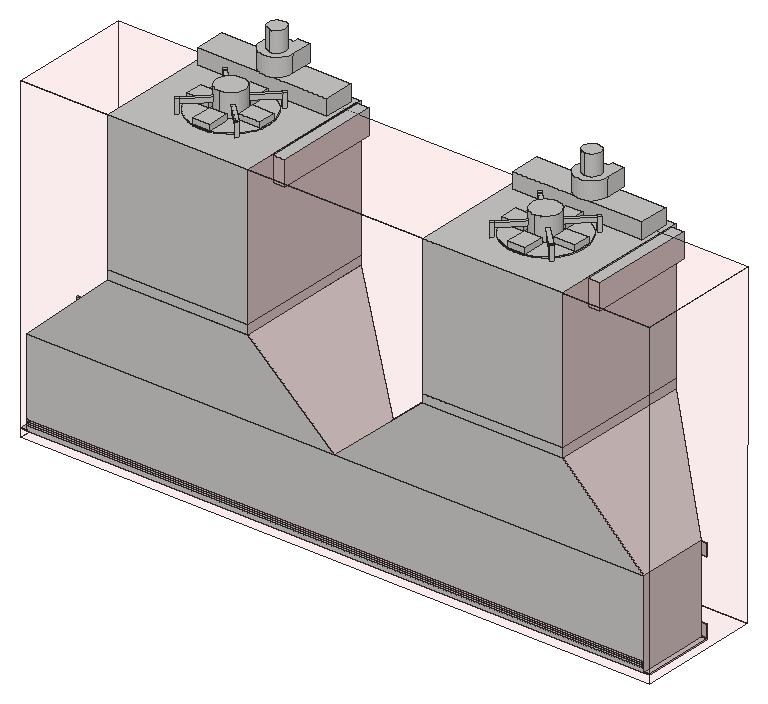
Revit family "Air-Curtain_Climate-Control_PoweredAire_TIG-2Heater", category Mechanical Equipment, host Face, Revit 2019
Family settings
  Host = Face
  Round Connector Dimension = Use Diameter
  Part Type = Normal
  OmniClass Number = 23.75.35.17.21
  OmniClass Title = Air Curtains
  Cut with Voids When Loaded = No
  Shared = No
  Room Calculation Point = No
Parameters (values of type "144'' Nozzle")
  upperrotation [instance] = 0.00°
  lowerrotation [instance] = 0.00°
  locateupperpipe [instance] = 0' - 0"
  locatelowerpipe [instance] = 0' - 0"
  Warranty Duration (Years) = 0
  Unit Width Notes = "Other Widths available."  # constant formula
  Unit Width = 12' - 3 7/32"
  Unit Weight = 1000
  Unit Height = 1' - 4 3/4"
  Unit Depth = 1' - 8 1/4"
  URL = "http://www.poweredaire.com/"
  Test Data = ""
  Standards Conformance = "ETL  ;  Made in USA"
  Specification = "http://www.arcat.com/sdspecs/htm04/23_34_33pai.htm"
  SpecWizard = ""
  Sound Pressure = ">63 dBA"
  Sales Information = "http://www.poweredaire.com/contact_us"
  Revision = "R1_2016-08"
  Projection from Host [instance] = 0' - 2"
  Product Properties = ""
  Product Data = "http://www.arcat.com/arcatcos/cos47/arc47623.html"
  Power Rating = 0 W
  Piping_Water Flow [instance] = 0 GPM
  Piping_Operating Pressure [instance] = 0.00 psi
  Piping_Exit Temperature [instance] = 0 °F
  Piping_Entry Temperature [instance] = 0 °F
  Pipe OD [instance] = 5/8"
  Overall Depth = 6' - 0 3/4"
  Nozzle Width = if(1 = 1, Unit Width - 0' 3", 0' 0")  # 12' - 0 7/32"
  Mounting Width = if(1 = 1, Unit Width - 0' 1 1/2", 0' 0")  # 12' - 1 23/32"
  Mounting Height [instance] = 3' - 6"
  Motor RPM = 1630
  Motor HP = 0.75
  Motor Count = 4
  Model = "TIG-4-144"
  Max Height = 12' - 0"
  Manufacturer Website = "http://www.poweredaire.com/"
  Manufacturer Phone - Toll Free = "888-321-2473"
  Manufacturer Phone = "724-588-3305"
  Manufacturer Fax = "724-588-3371"
  Manufacturer Address = "109 Mortensen Rd.  Greenville, PA 16125"
  Manufacturer = "Powered Aire, Inc"
  Maintenance Schedule (Months) = 0
  Keynote = "23 34 33"
  Installation-Fabrication = ""
  Installation Phase = ""
  Include Clearance [instance] = yes
  Heating Element Load = 0 W
  Heater Weight = 0
  Heater Hanging Width = 2' - 6 5/8"
  Heater Finish [instance] = Metal - Steel - PoweredAire - Stainless 304
  HVAC_Temperature Rise = 36 °F
  HVAC_Primary CFM = 0 CFM
  HVAC_Outlet Volume = 10200 CFM
  HVAC_Outlet Velocity Uniformity = 0.95
  HVAC_Outlet Velocity = 3700 FPM
  HVAC_Exit Temperature [instance] = 0 °F
  HVAC_BTU Output = 400000.0 Btu/h
  HVAC_BTU Input = 250000.0 Btu/h
  Green Building-LEED = "http://www.arcat.com/green/clients/leed_data_47623.html"
  Gas Connection Diameter [instance] = 0"
  Frame Finish [instance] = Metal - Steel - PoweredAire - Stainless 304
  Expected Lifespan (Years) = 0
  Exhaust Connection Diameter = 0' - 5"
  Electrical_Wattage [instance] = Power Rating + Heating Element Load  # 0 W
  Electrical_Voltage [instance] = 0 V
  Electrical_Phase [instance] = 1
  Electrical_Frequency [instance] = 0 Hz
  Electrical_Amperage [instance] = 0 A
  Drawn By = "Sumex Design, Inc. / Robert S. Weygant, CSI, CDT, SCIP"
  Description = "Powered Aire Indirect Gas Heated Climate Control Air Curtain - TIG-4-144 as Specified"
  Default Elevation = 0' - 0"  # constant formula
  Copyright = "©Arcat Inc."
  Construction Details = "http://www.arcat.com/details/powair/prod3336.html"
  Clearance_Top [instance] = 1' - 0"
  Clearance_Side B [instance] = 0' - 0"
  Clearance_Side A [instance] = 0' - 0"
  Clearance_Intake [instance] = 0' - 0"
  Clearance_Bottom [instance] = 0' - 0"
  Clearance Material [instance] = ARCAT Clearance
  Building Codes = ""
  Available Options [instance] = "as Specified"
  Assembly Code = "D3090400"
Types (3): name | Unit Width | Unit Weight | Nozzle Width | Mounting Width | Motor Count | Model | HVAC_Temperature Rise | HVAC_Outlet Volume | HVAC_Outlet Velocity Uniformity | HVAC_Outlet Velocity | HVAC_BTU Output | HVAC_BTU Input | Description
  144'' Nozzle | 12' - 3 7/32" | 1000 | 12' - 0 7/32" | 12' - 1 23/32" | 4 | "TIG-4-144" | 36 °F | 10200 CFM | 0.95 | 3700 FPM | 400000.0 Btu/h | 250000.0 Btu/h | "Powered Aire Indirect Gas Heated Climate Control Air Curtain - TIG-4-144 as Specified"
  132'' Nozzle | 11' - 3 5/32" | 830 | 11' - 0 5/32" | 11' - 1 21/32" | 3 | "TIG-3-132" | 39 °F | 7600 CFM | 0.94 | 2800 FPM | 320000.0 Btu/h | 200000.0 Btu/h | "Powered Aire Indirect Gas Heated Climate Control Air Curtain - TIG-3-132 as Specified"
  120'' Nozzle | 10' - 3 5/32" | 680 | 10' - 0 5/32" | 10' - 1 21/32" | 3 | "TIG-3-120" | 39 °F | 7600 CFM | 0.95 | 3200 FPM | 320000.0 Btu/h | 200000.0 Btu/h | "Powered Aire Indirect Gas Heated Climate Control Air Curtain - TIG-3-120 as Specified"
Reference planes (in)
  plane 1 "Center (Elevation)": y = 0.13818
  plane 2: z = 0
  plane 3 "Center (Left/Right)": x = 0
  plane 4 "Top": y = 8.51318
  plane 5: y = -8.23682
  plane 6: x = -73.60937
  plane 7: x = 73.60938
  plane 8 "Front": z = 22.25
  plane 9 "FF": y = -41.86182
  plane 10: z = 2
  plane 11: x = 72.10937
  plane 12: x = -72.10937
  plane 13: y = 20.51318
  plane 14: y = -8.23682
  plane 15: x = -73.60937
  plane 16: x = 73.60938
  plane 17: z = 74.75
  plane 18: x = 72.04688
  plane 19: x = -72.04687
  plane 20: x = 72.10937
  plane 21: x = 72.10937
  plane 22: y = 6.01318
  plane 23: y = -5.73682
  plane 24: z = 74.75
  plane 25: z = 42.25
  plane 26: z = 40.25
  plane 27: x = -52.11719
  plane 28: x = -21.49219
  plane 29: x = -53.17969
  plane 30: x = -20.42969
  plane 31: x = 21.49219
  plane 32: x = 52.11719
  plane 33: x = 20.42969
  plane 34: x = 53.17969
  plane 35: x = -36.80469
  plane 36: x = 36.80469
Forms (in)
  Extrusion 1, solid, material "Metal - Steel - PoweredAire - Stainless 304" <- "Frame Finish"
    sketch origin (0, 0, 0) x (0, 1, 0) y (0, 0, 1)
      loop
        line (-8.23682, 2) -> (8.51318, 2) -> (8.51318, 22.25) -> (-8.23682, 22.25) -> (-8.23682, 2)
    from -72.10937 to 72.10937
  Extrusion 2, solid, material "ARCAT Clearance" <- "Clearance Material", visible <- "Include Clearance"
    sketch origin (0, 0, 0) x (0, 1, 0) y (0, 0, 1)
      loop
        line (-8.23682, 74.75) -> (-8.23682, 0) -> (20.51318, 0) -> (20.51318, 74.75) -> (-8.23682, 74.75)
    from -73.60938 to 73.60937
  Extrusion 3, solid, material "Metal - Steel - PoweredAire - Stainless 304" <- "Frame Finish"
    sketch origin (-15.17702, -180, 2) x (-1, 0, 0) y (0, -1, 0)
      loop
        line (-87.2864, -188.51318) -> (-87.2864, -171.76318) -> (-88.7864, -171.76318) -> (-88.7864, -188.51318) -> (-87.2864, -188.51318)
      loop
        line (56.93235, -188.51318) -> (58.43235, -188.51318) -> (58.43235, -171.76318) -> (56.93235, -171.76318) -> (56.93235, -188.51318)
    from 0 to 0.125
  Extrusion 4, solid, material "Metal - Steel - PoweredAire - Stainless 304" <- "Frame Finish"
    sketch origin (-11.83813, 8.51318, 48) x (-1, 0, 0) y (0, 0, 1)
      loop
        line (-83.9475, -45.5) -> (-83.9475, -42.75) -> (-85.4475, -42.75) -> (-85.4475, -45.5) -> (-83.9475, -45.5)
      loop
        line (-83.9475, -28.5) -> (-83.9475, -25.75) -> (-85.4475, -25.75) -> (-85.4475, -28.5) -> (-83.9475, -28.5)
      loop
        line (60.27125, -45.5) -> (61.77125, -45.5) -> (61.77125, -42.75) -> (60.27125, -42.75) -> (60.27125, -45.5)
      loop
        line (60.27125, -28.5) -> (61.77125, -28.5) -> (61.77125, -25.75) -> (60.27125, -25.75) -> (60.27125, -28.5)
    from 0 to -0.125
  Extrusion 5, void
    sketch origin (0, 0, 0) x (0, 1, 0) y (0, 0, 1)
      loop
        line (-8.23682, 3) -> (-7.23682, 3) -> (-7.23682, 4.5) -> (-8.23682, 4.5) -> (-8.23682, 3.82425) -> (-7.38364, 3.82425) -> (-7.38364, 3.57425) -> (-8.23682, 3.57425) -> (-8.23682, 3)
    from -72.04687 to 72.04687
  Blend 6, solid, material "Metal - Steel - PoweredAire - Stainless 304" <- "Frame Finish"
    base sketch origin (-15.17702, -180, 22.25) x (-1, 0, 0) y (0, -1, 0)
      loop
        line (56.93235, -188.51318) -> (56.93235, -171.76318) -> (-15.17702, -171.76318) -> (-15.17702, -188.51318) -> (56.93235, -188.51318)
    top sketch origin (-15.17702, -180, 22.25) x (-1, 0, 0) y (0, -1, 0)
      loop
        line (38.00267, -171.76318) -> (5.25267, -171.76318) -> (5.25267, -204.76318) -> (38.00267, -204.76318) -> (38.00267, -171.76318)
    from 0 to 18
  Blend 7, solid, material "Metal - Steel - PoweredAire - Stainless 304" <- "Frame Finish"
    base sketch origin (15.17702, -180, 22.25) x (1, 0, 0) y (0, 1, 0)
      loop
        line (56.93235, 188.51318) -> (-15.17702, 188.51318) -> (-15.17702, 171.76318) -> (56.93235, 171.76318) -> (56.93235, 188.51318)
    top sketch origin (15.17702, -180, 22.25) x (1, 0, 0) y (0, 1, 0)
      loop
        line (38.00267, 171.76318) -> (38.00267, 204.76318) -> (5.25267, 204.76318) -> (5.25267, 171.76318) -> (38.00267, 171.76318)
    from 0 to 18
Cuts and joins
  Extrusion 5 cuts Extrusion 1
Dimensions and locks (in)
  equal spacing: plane 4 "Top", plane 1 "Center (Elevation)", plane 5
  "Unit Height": plane 4 "Top" to plane 5
  "Unit Width": plane 6 to plane 7
  "Mounting Height": plane 1 "Center (Elevation)" to plane 9 "FF"
  "Projection from Host": plane 10 to level
  "Unit Depth": plane 8 "Front" to plane 10
  locked: plane 6 to plane 12 at 1.5
  locked: plane 11 to plane 7 at 1.5
  "Clearance_Side A": plane 7 to plane 16
  "Clearance_Side B": plane 15 to plane 6
  "Clearance_Top": plane 13 to plane 4 "Top"
  "Clearance_Bottom": plane 5 to plane 14
  "Clearance_Intake": plane 17 to plane 24
  Extrusion 5 sketch curve to Extrusion 5 sketch curve to Extrusion 5 sketch curve to Extrusion 5 sketch curve to plane 10 = 0' - 0.67575" locked, 0' - 0 1/4" locked, 0' - 0.57425" locked, 0' - 1" locked
  plane 5 to Extrusion 5 sketch curve to Extrusion 5 sketch curve = 0' - 0.85319" locked, 0' - 0.14681" locked
  locked: plane 19 to plane 12 at 0.0625
  locked: plane 11 to plane 18 at 0.0625
  "locateupperpipe": plane 20 to plane 11
  "locatelowerpipe": plane 21 to plane 11
  locked: plane 4 "Top" to plane 22 at 2.5
  locked: plane 23 to plane 5 at 2.5
  "Overall Depth": plane 24 to plane 10
  locked: plane 25 to plane 26 at 2
  locked: plane 24 to plane 25 at 32.5
  locked: Blend 6 sketch curve to plane 5 at 33
  Extrusion 4 sketch curve to Extrusion 4 sketch curve to plane 10 = 0' - 2 3/4" locked, 0' - 0 1/2" locked  (x2)
  plane 8 "Front" to Extrusion 4 sketch curve to Extrusion 4 sketch curve = 0' - 0" locked, 0' - 2 3/4" locked  (x2)
  locked: plane 28 to plane 30 at 1.0625
  locked: plane 29 to plane 27 at 1.0625
  locked: plane 32 to plane 34 at 1.0625
  locked: plane 33 to plane 31 at 1.0625
  equal spacing: plane 6, plane 35, plane 3 "Center (Left/Right)", plane 36, plane 7
  equal spacing: plane 27, plane 35, plane 28
  "Heater Hanging Width": plane 27 to plane 28
  equal spacing: plane 31, plane 36, plane 32
  "Heater Hanging Width": plane 31 to plane 32
  locked: Blend 7 sketch curve to plane 5 at 33
  aligned and locked: plane 2 to host face
  aligned and locked: level to host face
  aligned and locked: Extrusion 2 sketch curve to plane 17
  aligned and locked: plane 14 to Extrusion 2 sketch curve
  aligned and locked: level to Extrusion 2 sketch curve
  aligned and locked: Extrusion 2 sketch curve to plane 13
  aligned and locked: plane 16 to Extrusion 2
  aligned and locked: Extrusion 2 to plane 15
  aligned and locked: plane 11 to Extrusion 1
  aligned and locked: Extrusion 1 to plane 12
  aligned and locked: Extrusion 1 sketch curve to plane 8 "Front"
  aligned and locked: plane 24 to nested 1
  aligned and locked: plane 5 to Blend 6 sketch curve
  aligned and locked: plane 12 to Blend 6 sketch curve
  aligned and locked: Blend 6 sketch curve to plane 4 "Top"
  aligned and locked: Blend 6 sketch curve to plane 5
  aligned and locked: plane 26 to Blend 6
  aligned and locked: plane 35 to nested 1
  aligned and locked: plane 36 to nested 2
  aligned and locked: plane 24 to nested 2
  aligned and locked: Blend 6 sketch curve to plane 3 "Center (Left/Right)"
  aligned and locked: Blend 6 sketch curve to plane 29
  aligned and locked: plane 30 to Blend 6 sketch curve
  aligned and locked: Blend 7 sketch curve to plane 5  (x2)
  aligned and locked: Blend 7 sketch curve to plane 3 "Center (Left/Right)"
  aligned and locked: plane 11 to Blend 7 sketch curve
  aligned and locked: Blend 7 sketch curve to plane 4 "Top"
  aligned and locked: plane 33 to Blend 7 sketch curve
  aligned and locked: Blend 7 sketch curve to plane 34
  aligned and locked: plane 18 to cut or joined group of Extrusion 1, Extrusion 5
  aligned and locked: cut or joined group of Extrusion 1, Extrusion 5 to plane 19
Automatic sketch dimensions
  host sketch curve to host sketch curve = 8' - 0"  (x2)
  Extrusion 1 sketch curve to plane 5 = 0' - 0"
  Extrusion 1 sketch curve to plane 4 "Top" = 0' - 0"
  Extrusion 1 sketch curve to plane 10 = 0' - 0"
  plane 4 "Top" to Extrusion 3 sketch curve = 0' - 0"
  Extrusion 3 sketch curve to plane 7 = 0' - 0"
  plane 5 to Extrusion 3 sketch curve = 0' - 0"
  Extrusion 3 sketch curve to plane 11 = 0' - 0"
  Extrusion 3 sketch curve to plane 4 "Top" = 0' - 0"
  Extrusion 3 sketch curve to plane 12 = 0' - 0"
  Extrusion 3 sketch curve to plane 6 = 0' - 0"
  Extrusion 3 sketch curve to plane 5 = 0' - 0"
  Extrusion 4 sketch curve to plane 7 = 0' - 0"  (x2)
  Extrusion 4 sketch curve to plane 11 = 0' - 0"  (x2)
  Extrusion 4 sketch curve to plane 12 = 0' - 0"  (x2)
  Extrusion 4 sketch curve to plane 6 = 0' - 0"  (x2)
  Extrusion 5 sketch curve to plane 5 = 0' - 0"  (x2)
Nested families (in)
  nested 1: "Heater" at (-36.80469, -8.23682, 42.2987) x (1, 0, 0) z (0, 1, 0), finish <- "Heater Finish", burner width <- "Heater Hanging Width", type "Heater"
    with finish Metal - Steel - PoweredAire - Stainless 304, burner width 2' - 6 5/8", Two Fan no, One Fan yes
  nested 2: "Heater" at (36.80469, -8.23682, 42.2987) x (1, 0, 0) z (0, 1, 0), finish <- "Heater Finish", burner width <- "Heater Hanging Width", type "Heater"
    with finish Metal - Steel - PoweredAire - Stainless 304, burner width 2' - 6 5/8", Two Fan no, One Fan yes
Connectors (in)
  electrical at (-72.10937, 0.13818, 12.125), driven by "Electrical_Voltage", driven by "Electrical_Phase"
    settings: on cut or joined group of Extrusion 1, Extrusion 5, index 3, voltage 0 V, apparent load 0 VA, apparent load phase1 0 VA, apparent load phase2 0 VA, apparent load phase3 0 VA, power factor 1, load classification "Motor", number of poles 1, system type 31, power factor state 1, is connector primary yes, connector utility no, sub classification motor no, connector description ""
  hvac at (-33.80469, 24.76318, 80.40625), driven by "Exhaust Connection Diameter", driven by "HVAC_Primary CFM"
    settings: on nested 1, index 4, duct flow 0 CFM, flow factor 0, pres drop 0.00 in-wg, loss coef 0, conn angle 0.00°, conn width 12", conn height 12", conn diameter 5", duct sys type 3, conn prof type 0, flow config 0, flow direction 2, loss method 0, conn ref index -1, conn util no, is conn primary yes, conn desc ""
  hvac at (39.80469, 24.76318, 80.40625), driven by "HVAC_Primary CFM", driven by "Exhaust Connection Diameter"
    settings: on nested 2, index 5, duct flow 0 CFM, flow factor 0, pres drop 0.00 in-wg, loss coef 0, conn angle 0.00°, conn width 12", conn height 12", conn diameter 5", duct sys type 3, conn prof type 0, flow config 0, flow direction 2, loss method 0, conn ref index -1, conn util no, is conn primary no, conn desc ""
Definition of nested family "Heater"
  Parameters
    finish [instance] = none
    burner width [instance] = 4' - 0 5/8"
    burner depth = 3' - 8 3/4"
    Two Fan [instance] = burner width > 4' 0"  # yes
    One Fan [instance] = burner width < 4' 0"  # no
    Default Elevation = 0' - 0"  # constant formula
  Reference planes (in)
    plane 1 "Center (Front/Back)": y = 0
    plane 2: z = 0
    plane 3 "Center (Left/Right)": x = 0
    plane 4: x = -25.375
    plane 5: x = 25.375
    plane 6: z = 33
    plane 7: y = -44.75
    plane 8: x = 3
    plane 9: x = 4.375
    plane 10: x = -12.6875
    plane 11: x = 12.6875
    plane 12: z = 15.5
    plane 13: x = -24.3125
    plane 14: x = 24.3125
  Forms (in)
    Extrusion 1, solid, material <- "finish"
      sketch origin (-74.94554, -3, 38.65968) x (0, 0, 1) y (1, 0, 0)
        loop
          line (-5.65968, 49.57054) -> (-5.65968, 100.32054) -> (-38.65968, 100.32054) -> (-38.65968, 49.57054) -> (-5.65968, 49.57054)
      from 3 to -29.4513
    Extrusion 2, solid, material <- "finish"
      sketch origin (0, 0, 0) x (0, 1, 0) y (0, 0, 1)
        loop
          line (2, 0) -> (2, 33) -> (0, 33) -> (0, 0) -> (2, 0)
      from -25.375 to 25.375
    Extrusion 3, solid, material <- "finish"
      sketch origin (-74.94554, -32.4513, 38.65968) x (0, 0, 1) y (1, 0, 0)
        loop
          line (-6.91591, 50.82971) -> (-6.91591, 99.10844) -> (-13.91591, 99.10844) -> (-13.91591, 50.82971) -> (-6.91591, 50.82971)
      from 0 to -3.625
    Extrusion 4, solid, material <- "finish"
      sketch origin (-74.94554, -36.0763, 38.65968) x (0, 0, 1) y (1, 0, 0)
        loop
          arc (-10.4052, 79.32054) -> (-12.67312, 72.60509) -> (-6.79809, 76.57054) r 3.74068
          line (-6.79809, 76.57054) -> (-5.65968, 76.57054) -> (-5.65968, 79.32054) -> (-10.4052, 79.32054)
      from 0 to -4.0625
    Extrusion 5, solid, material <- "finish"
      sketch origin (-73.58006, -40.1388, 35.52564) x (0, 0, -1) y (1, 0, 0)
        loop
          circle (7.27116, 74.21438) r 2
      from 4.6112 to 0
    Extrusion 6, solid, material <- "finish"
      sketch origin (0, 0, 0) x (1, 0, 0) y (0, 1, 0)
        loop
          line (28.3125, -32.4513) -> (28.3125, -26.7013) -> (25.3125, -26.7013) -> (25.3125, -32.4513) -> (28.3125, -32.4513)
      from 7.25 to 31.75
    Extrusion 7, solid, material <- "finish", visible <- "Two Fan"
      sketch origin (0, 0, 0) x (0, 1, 0) y (0, 0, 1)
        loop
          line (-32.4513, 6.22268) -> (-44.15658, 5.1986) -> (-44.15658, 4.4486) -> (-32.4513, 4.85736) -> (-32.4513, 6.22268)
      from -25.375 to 25.375
  Dimensions and locks (in)
    locked: Extrusion 4 sketch curve to Extrusion 4 sketch curve at 2.75
    "burner width": plane 13 to plane 14
    locked: plane 6 to level at 33
    "burner depth": plane 7 to plane 1 "Center (Front/Back)"
    locked: plane 8 to plane 9 at 1.375
    Extrusion 4 sketch curve to Extrusion 4 sketch curve to plane 8 = 0' - 0.99068" locked, 0' - 1 3/8" locked
    locked: Extrusion 5 sketch curve to plane 8 at 2.36568
    locked: plane 8 to plane 3 "Center (Left/Right)" at 3
    Extrusion 6 sketch curve to plane 5 to Extrusion 6 sketch curve = 0' - 0 1/16" locked, 0' - 2 15/16" locked
    equal spacing: plane 5, plane 11, plane 3 "Center (Left/Right)", plane 10, plane 4
    locked: plane 4 to plane 13 at 1.0625
    locked: plane 14 to plane 5 at 1.0625
    aligned and locked: plane 2 to level
    aligned: Extrusion 4 to Extrusion 5
    aligned: Extrusion 3 to Extrusion 2  (x2)
    aligned and locked: plane 7 to Extrusion 5
    aligned and locked: plane 4 to Extrusion 1 sketch curve
    aligned and locked: Extrusion 1 sketch curve to plane 5
    aligned and locked: Extrusion 7 to plane 4
    aligned and locked: plane 5 to Extrusion 7
    aligned and locked: plane 12 to nested 1
    aligned and locked: plane 3 "Center (Left/Right)" to nested 1
    aligned and locked: plane 12 to nested 3
    aligned and locked: plane 11 to nested 3
    aligned and locked: plane 10 to nested 2
    aligned and locked: plane 12 to nested 2
    aligned and locked: plane 5 to Extrusion 2
    aligned and locked: Extrusion 2 to plane 4
  Automatic sketch dimensions
    Extrusion 1 to Extrusion 3 sketch curve = 0' - 1.25917"
    Extrusion 1 to Extrusion 3 sketch curve = 0' - 8.25624"
    Extrusion 1 to Extrusion 3 sketch curve = 0' - 1.2121"
    Extrusion 1 to Extrusion 3 sketch curve = 0' - 1.25624"
    Extrusion 4 sketch curve to Extrusion 3 = 0' - 0.11782"
    Extrusion 4 sketch curve to Extrusion 3 = 0' - 1.25624"
    Extrusion 5 sketch curve to Extrusion 4 = 0' - 4.74552"
    Extrusion 1 sketch curve to level = 0' - 0"
    Extrusion 1 sketch curve to plane 6 = 0' - 0"
    Extrusion 2 sketch curve to level = 0' - 0"
    Extrusion 2 sketch curve to plane 1 "Center (Front/Back)" = 0' - 0"
    Extrusion 2 sketch curve to plane 6 = 0' - 0"
    Extrusion 2 sketch curve to Extrusion 2 sketch curve = 0' - 2"
    Extrusion 6 sketch curve to plane 7 = 1' - 0.2987"
    Extrusion 6 sketch curve to Extrusion 6 sketch curve = 0' - 5 3/4"
    Extrusion 7 sketch curve to plane 7 = 0' - 0.59342"
    level to Extrusion 7 sketch curve = 0' - 4.4486"
    Extrusion 7 sketch curve to Extrusion 7 sketch curve = 0' - 0 3/4"
    level to Extrusion 7 sketch curve = 0' - 4.85736"
    Extrusion 7 sketch curve to Extrusion 7 sketch curve = 0' - 11.70529"
    Extrusion 7 sketch curve to Extrusion 7 sketch curve = 0' - 1.36532"
    radius of Extrusion 5 sketch curve = 0' - 2"
  Nested families (in)
    nested 1: "FanControls" at (0, -32.4513, 15.5) x (1, 0, 0) z (0, -1, 0), finish <- "finish", visible <- "One Fan", type "FanControls"
      with finish none
    nested 2: "FanControls" at (-12.6875, -32.4513, 15.5) x (1, 0, 0) z (0, -1, 0), finish <- "finish", visible <- "Two Fan", type "FanControls"
      with finish none
    nested 3: "FanControls" at (12.6875, -32.4513, 15.5) x (1, 0, 0) z (0, -1, 0), finish <- "finish", visible <- "Two Fan", type "FanControls"
      with finish none
  Definition of nested family "FanControls"
    Parameters
      finish [instance] = none
      Default Elevation = 4' - 0"
    Reference planes (in)
      plane 1 "Center (Front/Back)": y = 0
      plane 2: z = 0
      plane 3 "Center (Left/Right)": x = 0
    Forms (in)
      Extrusion 1, solid, material <- "finish"
        sketch origin (-75.00804, 32.07233, 0) x (1, 0, 0) y (0, -1, 0)
          loop
            circle (75.00804, 32.07233) r 3.25
        from -5.33075 to 0
      Extrusion 2, solid, material <- "finish"
        sketch origin (24.44581, -78.06044, 0) x (1, 0, 0) y (0, -1, 0)
          loop
            line (-22.50831, -86.58776) -> (-22.50831, -81.58776) -> (-26.50831, -81.58776) -> (-26.50831, -86.58776) -> (-22.50831, -86.58776)
          loop
            line (-22.50831, -69.53312) -> (-26.50831, -69.53312) -> (-26.50831, -74.53312) -> (-22.50831, -74.53312) -> (-22.50831, -69.53312)
          loop
            line (-15.98099, -76.06044) -> (-20.98099, -76.06044) -> (-20.98099, -80.06044) -> (-15.98099, -80.06044) -> (-15.98099, -76.06044)
          loop
            line (-33.03563, -76.06044) -> (-33.03563, -80.06044) -> (-28.03563, -80.06044) -> (-28.03563, -76.06044) -> (-33.03563, -76.06044)
        from 0 to -1.37288
      Extrusion 3, solid, material <- "finish"
        sketch origin (-75.00804, 21.40968, 0) x (1, 0, 0) y (0, -1, 0)
          loop
            line (68.02536, 14.95733) -> (68.55569, 14.427) -> (75.00804, 20.87935) -> (81.46039, 14.427) -> (81.99072, 14.95733) -> (75.53837, 21.40968) -> (81.99072, 27.86203) -> (81.46039, 28.39236) -> (75.00804, 21.94001) -> (68.55569, 28.39236) -> (68.02536, 27.86203) -> (74.47771, 21.40968) -> (68.02536, 14.95733)
        from -3.1123 to -2
      Extrusion 4, solid, material <- "finish"
        sketch origin (-75.00804, 21.40968, 0) x (1, 0, 0) y (0, -1, 0)
          loop
            line (68.02536, 13.89667) -> (68.55569, 14.427) -> (68.02536, 14.95733) -> (67.49503, 14.427) -> (68.02536, 13.89667)
          loop
            line (82.52105, 14.427) -> (81.99072, 14.95733) -> (81.46039, 14.427) -> (81.99072, 13.89667) -> (82.52105, 14.427)
          loop
            line (81.99072, 28.92269) -> (81.46039, 28.39236) -> (81.99072, 27.86203) -> (82.52105, 28.39236) -> (81.99072, 28.92269)
          loop
            line (67.49503, 28.39236) -> (68.02536, 27.86203) -> (68.55569, 28.39236) -> (68.02536, 28.92269) -> (67.49503, 28.39236)
        from 0 to -3.1123
      Extrusion 5, solid, material <- "finish"
        sketch origin (0, 0, 0) x (1, 0, 0) y (0, 1, 0)
          loop
            circle (0, 0) r 9
        from 0 to 0.14961
    Dimensions and locks (in)
      Extrusion 4 sketch curve to Extrusion 4 sketch curve to Extrusion 4 sketch curve to Extrusion 4 sketch curve = 0' - 0.53033" locked, 0' - 0" locked, 0' - 0.53033" locked  (x4)
      Extrusion 3 sketch curve to Extrusion 3 sketch curve to Extrusion 3 sketch curve to Extrusion 3 sketch curve to Extrusion 3 sketch curve = 0' - 5.92202" locked, 0' - 0" locked, 0' - 0.53033" locked, 0' - 0" locked
      Extrusion 3 sketch curve to Extrusion 3 sketch curve to Extrusion 3 sketch curve to Extrusion 3 sketch curve to Extrusion 3 sketch curve = 0' - 0" locked, 0' - 0.53033" locked, 0' - 0" locked, 0' - 5.92202" locked
      locked: Extrusion 2 sketch curve to Extrusion 2 sketch curve at 5  (x2)
      aligned and locked: plane 2 to level
